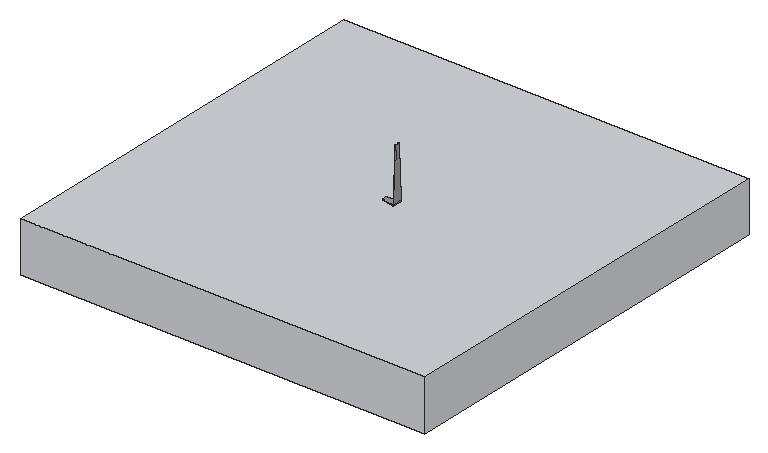
Revit family "LAMP_ACC WALL BRACKET 300MM", category Modelos genéricos, Revit 2015
Parameters (values of type "GREY")
  Weight = 0.724 kg
  Product datasheet = "https://www.lamp.es/product-files/TECH/F5FX300G-EN.pdf"
  Product code = "F5FX300G"
  Product URL = "https://www.lamp.es/en/accessory/acc-wall-bracket-300mm-gr_423702"
  Modelo = Product code  # "F5FX300G"
  Material = LAMP_Acero zincado
  Manufacturer name = "LAMP"
  Manufacturer country = "Spain"
  Manufacturer URL = "http://www.lamp.es/es"
  Last update = "30/09/2020"
  Finish = "Gloss grey"
  Fabricante = Manufacturer name  # "LAMP"
  Default Elevation = 1219.2 mm
  Dimensions = "317 x 3 x 75 mm"
  Comentarios de tipo = "ACC. WALL BRACKET 300MM GR."
  Accessory Type = "Assembly"
Types (3, lengths in mm): name | Product datasheet | Product code | Product URL | Modelo | Material | Finish | Comentarios de tipo
  (no name) | "https://www.lamp.es/product-files/TECH/F5FX300G-EN.pdf" | "F5FX300G" | "https://www.lamp.es/en/accessory/acc-wall-bracket-300mm-gr_423702" | "F5FX300G" | LAMP_Acero zincado | "Gloss grey" | "ACC. WALL BRACKET 300MM GR."
  GREY | "https://www.lamp.es/product-files/TECH/F5FX300G-EN.pdf" | "F5FX300G" | "https://www.lamp.es/en/accessory/acc-wall-bracket-300mm-gr_423702" | "F5FX300G" | LAMP_Acero zincado | "Gloss grey" | "ACC. WALL BRACKET 300MM GR."
  WHITE | "https://www.lamp.es/product-files/TECH/F5FX300W-EN.pdf" | "F5FX300W" | "https://www.lamp.es/en/accessory/acc-wall-bracket-300mm-wh_423701" | "F5FX300W" | LAMP_Acero zincado BL | "Matte white" | "ACC. WALL BRACKET 300MM GR"
Reference planes
  plane 1 "Centro (Frontal/Posterior)": y = 0
  plane 2: z = 0
  plane 3 "Centro (Izquierda/Derecha)": x = 0
Forms (mm)
  Extrusion 1, solid
    sketch origin (0, 0, 0) x (1, 0, 0) y (0, 1, 0)
      loop
        line (-1219.2, 1219.2) -> (-1219.2, -1219.2) -> (1219.2, -1219.2) -> (1219.2, 1219.2) -> (-1219.2, 1219.2)
    from 0 to -304.8
  Extrusion 2, solid, material "LAMP_Acero zincado" <- "Material"
    sketch origin (0, 0, 0) x (-1, 0, 0) y (0, 0, 1)
      loop
        line (0, 0) -> (0, 3) -> (-75, 3) -> (-75, 320) -> (-78, 320) -> (-78, 3)
        arc (-78, 3) -> (-77.121, 0.879) -> (-75, 0) r 3
        line (-75, 0) -> (0, 0)
    from -24.9 to 24.9
  Extrusion 3, void
    sketch origin (0, 0, 0) x (1, 0, 0) y (0, 1, 0)
      loop
        line (74, 24.9) -> (74, 25.9) -> (-1, 25.9) -> (-1, 10.892) -> (0, 10.892) -> (0, 11.892)
        arc (0, 11.892) -> (0.736, 13.86) -> (2.582, 14.863) r 3
        line (2.582, 14.863) -> (74, 24.9)
      loop
        line (74, -24.9) -> (2.582, -14.863)
        arc (2.582, -14.863) -> (0.736, -13.86) -> (0, -11.892) r 3
        line (0, -11.892) -> (0, -10.892) -> (-1, -10.892) -> (-1, -25.9) -> (74, -25.9) -> (74, -24.9)
    from 0 to 3
  Extrusion 4, void
    sketch origin (0, 0, 0) x (0, 1, 0) y (0, 0, 1)
      loop
        line (-24.9, 4) -> (-13.966, 317.105)
        arc (-13.966, 317.105) -> (-13.052, 319.158) -> (-10.968, 320) r 3
        line (-10.968, 320) -> (-10.968, 321) -> (-25.9, 321) -> (-25.9, 4) -> (-24.9, 4)
      loop
        line (24.9, 4) -> (25.9, 4) -> (25.9, 321) -> (10.968, 321) -> (10.968, 320)
        arc (10.968, 320) -> (13.052, 319.158) -> (13.966, 317.105) r 3
        line (13.966, 317.105) -> (24.9, 4)
    from 75 to 78
Cuts and joins
  Extrusion 3, Extrusion 4 cuts Extrusion 2
Text (mm)
  text "Any modification of the parameters and properties of the LAMP BIM models must be executed and validated by the LAMP technical department.\n\nPhone: +34 93 736 68 00\n\nE-mail: lamp@lamp.es\n\n\n\nLAMP reserves the right to modify the technical specifications of its products." at (3940.725, -4231.439, -3543.742), in view "Preview"
Dimensions and locks
  aligned and locked: plane 2 to Extrusion 1
  aligned and locked: level to Extrusion 1
